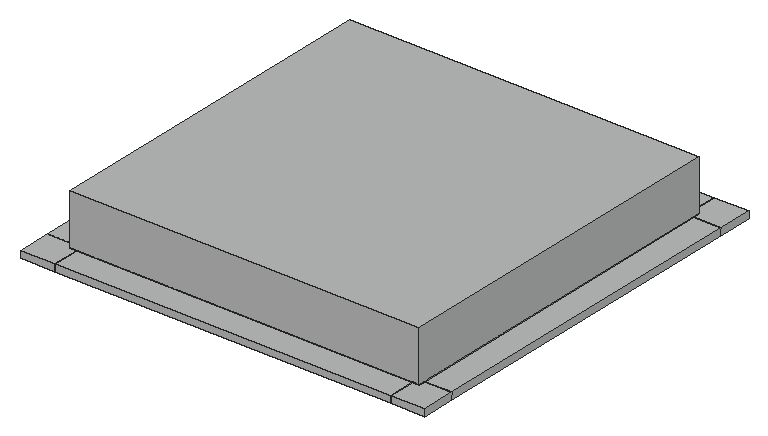
Revit family "ALUMOGIPS", category Осветительные приборы, Revit 2019 (continued)
Types (72, lengths in mm): name | Файл фотометрической сетки | built-in parameter 1150105 | Lumens | built-in parameter 1150106 | built-in parameter 1150142 | Wattage | Emit from Rectangle Width | Emit from Rectangle Length | Длина | Материал светильника | Ширина | ADSK_Ток | ADSK_Полная мощность | ADSK_Обозначение | ADSK_Номинальная мощность | ADSK_Наименование | ADSK_Масса | ADSK_Код изделия
    5 0.296 0.296 0.296 0.296 0.296 0.296 0.296 0.296 0.197 \r\n0.197 0.197 0.197 0.197 0.197 0.197 0.197 0.098 0.098 0.098 0.098 0.098 0.098 0.098 0.098 0.000 0.000 0.000 0.000 \r\n1417.637 1418.229 1415.861 1411.421 1404.415 1394.746 1382.512 1367.219 1349.656 1329.626 1307.821 1283.549 1257.403 1229.579 1199.782 1168.209 1135.155 1100.523 \r\n1064.708 1027.609 989.425 950.057 909.998 868.855 827.317 784.989 742.365 699.347 655.538 611.928 568.021 523.622 480.110 436.006 392.100 348.884 306.556 265.017 224.860 185.591 \r\n146.026 110.605 77.157 45.781 17.464 0.592 0.592 0.493 0.493 0.493 0.493 0.493 0.493 0.493 0.493 0.395 0.395 0.395 0.395 0.395 0.395 0.395 0.395 0.296 0.296 0.296 0.296 0.296 0.296 0.296 0.296 0.197 \r\n0.197 0.197 0.197 0.197 0.197 0.197 0.197 0.098 0.098 0.098 0.098 0.098 0.098 0.098 0.098 0.000 0.000 0.000 0.000 \r\n1417.637 1418.130 1415.762 1411.223 1404.218 1394.450 1382.216 1366.824 1349.261 1329.231 1307.427 1283.056 1256.910 1228.987 1199.190 1167.616 1134.563 1099.833 \r\n1064.016 1026.918 988.833 949.367 909.308 868.165 826.625 784.298 741.674 698.656 654.946 611.336 567.430 523.030 479.518 435.414 391.606 348.391 306.063 264.623 224.465 185.196 \r\n145.730 110.309 76.861 45.485 17.266 0.592 0.592 0.493 0.493 0.493 0.493 0.493 0.493 0.493 0.493 0.395 0.395 0.395 0.395 0.395 0.395 0.395 0.395 0.296 0.296 0.296 0.296 0.296 0.296 0.296 0.296 0.197 \r\n0.197 0.197 0.197 0.197 0.197 0.197 0.197 0.098 0.098 0.098 0.098 0.098 0.098 0.098 0.098 0.000 0.000 0.000 0.000 \r\n1417.637 1418.130 1415.565 1411.026 1403.922 1394.154 1381.919 1366.527 1348.866 1328.837 1306.933 1282.563 1256.416 1228.494 1198.597 1167.024 1133.873 1099.241 \r\n1063.425 1026.228 988.143 948.676 908.519 867.474 825.935 783.608 740.983 698.064 654.256 610.646 566.739 522.438 478.926 434.822 391.014 347.897 305.569 264.229 224.072 184.901 \r\n145.434 110.013 76.565 45.288 17.069 0.592 0.592 0.493 0.493 0.493 0.493 0.493 0.493 0.493 0.493 0.395 0.395 0.395 0.395 0.395 0.395 0.395 0.395 0.296 0.296 0.296 0.296 0.296 0.296 0.296 0.296 0.197 \r\n0.197 0.197 0.197 0.197 0.197 0.197 0.197 0.098 0.098 0.098 0.098 0.098 0.098 0.098 0.098 0.000 0.000 0.000 0.000 \r\n1417.637 1418.031 1415.466 1410.928 1403.725 1393.858 1381.524 1366.133 1348.472 1328.443 1306.440 1282.070 1255.824 1227.901 1198.006 1166.433 1133.280 1098.550 \r\n1062.735 1025.537 987.451 947.887 907.829 866.784 825.244 782.916 740.293 697.373 653.565 610.053 566.147 521.747 478.334 434.328 390.521 347.404 305.175 263.735 223.677 184.506 \r\n145.039 109.717 76.368 44.992 16.871 0.592 0.592 0.493 0.493 0.493 0.493 0.493 0.493 0.493 0.493 0.395 0.395 0.395 0.395 0.395 0.395 0.395 0.395 0.296 0.296 0.296 0.296 0.296 0.296 0.296 0.296 0.197 \r\n0.197 0.197 0.197 0.197 0.197 0.197 0.197 0.098 0.098 0.098 0.098 0.098 0.098 0.098 0.098 0.000 0.000 0.000 0.000 \r\n1417.637 1418.031 1415.368 1410.730 1403.527 1393.562 1381.229 1365.738 1348.077 1327.949 1306.045 1281.575 1255.331 1227.310 1197.414 1165.841 1132.689 1097.958 \r\n1062.043 1024.846 986.761 947.196 907.137 866.092 824.554 782.226 739.602 696.683 652.973 609.363 565.456 521.155 477.742 433.737 390.028 346.910 304.681 263.341 223.282 184.111 \r\n144.743 109.421 76.072 44.794 16.576 0.592 0.592 0.493 0.493 0.493 0.493 0.493 0.493 0.493 0.493 0.395 0.395 0.395 0.395 0.395 0.395 0.395 0.395 0.296 0.296 0.296 0.296 0.296 0.296 0.296 0.296 0.197 \r\n0.197 0.197 0.197 0.197 0.197 0.197 0.197 0.098 0.098 0.098 0.098 0.098 0.098 0.098 0.098 0.000 0.000 0.000 0.000 \r\n1417.637 1417.932 1415.268 1410.533 1403.232 1393.365 1380.933 1365.443 1347.682 1327.555 1305.552 1281.082 1254.837 1226.816 1196.821 1165.150 1131.998 1097.267 \r\n1061.452 1024.254 986.070 946.506 906.447 865.401 823.863 781.535 738.912 695.991 652.282 608.672 564.864 520.563 477.150 433.145 389.436 346.417 304.287 262.946 222.887 183.815 \r\n144.448 109.125 75.874 44.597 16.378 0.592 0.592 0.493 0.493 0.493 0.493 0.493 0.493 0.493 0.493 0.395 0.395 0.395 0.395 0.395 0.395 0.395 0.395 0.296 0.296 0.296 0.296 0.296 0.296 0.296 0.296 0.197 \r\n0.197 0.197 0.197 0.197 0.197 0.197 0.197 0.098 0.098 0.098 0.098 0.098 0.098 0.098 0.098 0.000 0.000 0.000 0.000 \r\n1417.637 1417.932 1415.170 1410.434 1403.034 1393.069 1380.636 1365.048 1347.287 1327.160 1305.157 1280.589 1254.344 1226.225 1196.230 1164.558 1131.406 1096.675 \r\n1060.761 1023.564 985.380 945.815 905.756 864.613 823.173 780.845 738.221 695.301 651.592 608.080 564.174 519.971 476.558 432.652 388.943 345.924 303.794 262.453 222.492 183.420 \r\n144.151 108.829 75.579 44.301 16.181 0.592 0.592 0.493 0.493 0.493 0.493 0.493 0.493 0.493 0.493 0.395 0.395 0.395 0.395 0.395 0.395 0.395 0.395 0.296 0.296 0.296 0.296 0.296 0.296 0.296 0.296 0.197 \r\n0.197 0.197 0.197 0.197 0.197 0.197 0.197 0.098 0.098 0.098 0.098 0.098 0.098 0.098 0.098 0.000 0.000 0.000 0.000 \r\n1417.637 1417.834 1415.071 1410.237 1402.837 1392.772 1380.243 1364.653 1346.892 1326.765 1304.664 1280.096 1253.752 1225.730 1195.638 1163.965 1130.814 1095.984 \r\n1060.071 1022.873 984.689 945.124 905.066 863.922 822.482 780.154 737.531 694.610 651.000 607.390 563.581 519.379 475.966 432.059 388.350 345.431 303.300 262.058 222.098 183.026 \r\n143.757 108.533 75.282 44.104 15.983 0.592 0.592 0.493 0.493 0.493 0.493 0.493 0.493 0.493 0.493 0.395 0.395 0.395 0.395 0.395 0.395 0.395 0.395 0.296 0.296 0.296 0.296 0.296 0.296 0.296 0.296 0.197 \r\n0.197 0.197 0.197 0.197 0.197 0.197 0.197 0.098 0.098 0.098 0.098 0.098 0.098 0.098 0.098 0.000 0.000 0.000 0.000 \r\n1417.637 1417.834 1414.973 1410.138 1402.541 1392.477 1379.946 1364.258 1346.499 1326.272 1304.171 1279.603 1253.259 1225.139 1195.045 1163.374 1130.123 1095.393 \r\n1059.478 1022.183 983.999 944.433 904.375 863.231 821.792 779.464 736.840 693.920 650.309 606.699 562.891 518.787 475.374 431.566 387.857 344.937 302.906 261.663 221.703 182.730 \r\n143.461 108.237 75.085 43.906 15.688 0.592 0.592 0.493 0.493 0.493 0.493 0.493 0.493 0.493 0.493 0.395 0.395 0.395 0.395 0.395 0.395 0.395 0.395 0.296 0.296 0.296 0.296 0.296 0.296 0.296 0.296 0.197 \r\n0.197 0.197 0.197 0.197 0.197 0.197 0.197 0.098 0.098 0.098 0.098 0.098 0.098 0.098 0.098 0.000 0.000 0.000 0.000 \r\n1417.637 1417.736 1414.874 1409.940 1402.344 1392.181 1379.650 1363.962 1346.104 1325.877 1303.776 1279.109 1252.766 1224.547 1194.454 1162.782 1129.531 1094.702 \r\n1058.788 1021.492 983.308 943.742 903.684 862.540 821.100 778.773 736.148 693.327 649.618 606.107 562.298 518.096 474.782 430.974 387.364 344.444 302.412 261.170 221.308 182.335 \r\n143.165 108.040 74.789 43.611 15.490 0.592 0.592 0.493 0.493 0.493 0.493 0.493 0.493 0.493 0.493 0.395 0.395 0.395 0.395 0.395 0.395 0.395 0.395 0.296 0.296 0.296 0.296 0.296 0.296 0.296 0.296 0.197 \r\n0.197 0.197 0.197 0.197 0.197 0.197 0.197 0.098 0.098 0.098 0.098 0.098 0.098 0.098 0.098 0.000 0.000 0.000 0.000 \r\n1417.637 1417.736 1414.775 1409.743 1402.146 1391.984 1379.355 1363.568 1345.709 1325.482 1303.283 1278.616 1252.272 1224.054 1193.862 1162.091 1128.940 1094.110 \r\n1058.097 1020.801 982.617 943.052 902.994 861.850 820.410 778.082 735.458 692.637 649.027 605.416 561.608 517.504 474.190 430.383 386.772 343.951 301.918 260.775 220.913 181.941 \r\n142.770 107.743 74.592 43.413 15.293 0.592 0.592 0.493 0.493 0.493 0.493 0.493 0.493 0.493 0.493 0.395 0.395 0.395 0.395 0.395 0.395 0.395 0.395 0.296 0.296 0.296 0.296 0.296 0.296 0.296 0.296 0.197 \r\n0.197 0.197 0.197 0.197 0.197 0.197 0.197 0.098 0.098 0.098 0.098 0.098 0.098 0.098 0.098 0.000 0.000 0.000 0.000 \r\n1417.637 1417.637 1414.677 1409.645 1401.851 1391.688 1378.960 1363.173 1345.314 1325.088 1302.790 1278.123 1251.680 1223.461 1193.269 1161.499 1128.249 1093.518 \r\n1057.406 1020.110 981.926 942.361 902.204 861.159 819.719 777.391 734.867 691.946 648.335 604.726 561.017 516.913 473.598 429.888 386.279 343.458 301.524 260.380 220.519 181.644 \r\n142.474 107.448 74.296 43.216 15.096 0.592 0.592 0.493 0.493 0.493 0.493 0.493 0.493 0.493 0.493 0.395 0.395 0.395 0.395 0.395 0.395 0.395 0.395 0.296 0.296 0.296 0.296 0.296 0.296 0.296 0.296 0.197 \r\n0.197 0.197 0.197 0.197 0.197 0.197 0.197 0.098 0.098 0.098 0.098 0.098 0.098 0.098 0.098 0.000 0.000 0.000 0.000 \r\n1417.637 1417.637 1414.578 1409.447 1401.653 1391.391 1378.663 1362.877 1344.920 1324.693 1302.395 1277.630 1251.187 1222.968 1192.678 1160.908 1127.657 1092.827 \r\n1056.814 1019.419 981.236 941.671 901.514 860.369 819.028 776.701 734.175 691.256 647.645 604.133 560.326 516.320 473.006 429.297 385.785 342.963 301.030 259.887 220.125 181.249 \r\n142.178 107.152 74.099 42.920 14.800 0.592 0.592 0.493 0.493 0.493 0.493 0.493 0.493 0.493 0.493 0.395 0.395 0.395 0.395 0.395 0.395 0.395 0.395 0.296 0.296 0.296 0.296 0.296 0.296 0.296 0.296 0.197 \r\n0.197 0.197 0.197 0.197 0.197 0.197 0.197 0.098 0.098 0.098 0.098 0.098 0.098 0.098 0.098 0.000 0.000 0.000 0.000 \r\n1417.637 1417.538 1414.480 1409.250 1401.456 1391.096 1378.367 1362.482 1344.525 1324.200 1301.902 1277.136 1250.693 1222.376 1192.184 1160.315 1127.064 1092.235 \r\n1056.124 1018.828 980.545 940.980 900.823 859.679 818.338 776.010 733.485 690.565 647.054 603.443 559.734 515.728 472.414 428.705 385.193 342.470 300.537 259.492 219.730 180.856 \r\n141.882 106.855 73.802 42.723 14.602 0.592 0.592 0.493 0.493 0.493 0.493 0.493 0.493 0.493 0.493 0.395 0.395 0.395 0.395 0.395 0.395 0.395 0.395 0.296 0.296 0.296 0.296 0.296 0.296 0.296 0.296 0.197 \r\n0.197 0.197 0.197 0.197 0.197 0.197 0.197 0.098 0.098 0.098 0.098 0.098 0.098 0.098 0.098 0.000 0.000 0.000 0.000 \r\n1417.637 1417.538 1414.380 1409.152 1401.258 1390.898 1378.072 1362.087 1344.130 1323.805 1301.408 1276.643 1250.200 1221.784 1191.593 1159.625 1126.374 1091.545 \r\n1055.433 1018.137 979.855 940.290 900.133 858.988 817.647 775.221 732.794 689.875 646.362 602.851 559.043 515.137 471.822 428.212 384.700 341.977 300.142 259.097 219.335 180.559 \r\n141.487 106.560 73.506 42.525 14.405 0.592 0.592 0.493 0.493 0.493 0.493 0.493 0.493 0.493 0.493 0.395 0.395 0.395 0.395 0.395 0.395 0.395 0.395 0.296 0.296 0.296 0.296 0.296 0.296 0.296 0.296 0.197 \r\n0.197 0.197 0.197 0.197 0.197 0.197 0.197 0.098 0.098 0.098 0.098 0.098 0.098 0.098 0.098 0.000 0.000 0.000 0.000 \r\n1417.637 1417.439 1414.282 1408.954 1400.963 1390.603 1377.677 1361.792 1343.735 1323.410 1301.014 1276.149 1249.608 1221.291 1191.000 1159.032 1125.782 1090.953 \r\n1054.841 1017.446 979.164 939.500 899.442 858.298 816.957 774.530 732.103 689.184 645.672 602.160 558.451 514.446 471.230 427.619 384.108 341.484 299.649 258.604 218.940 180.165 \r\n141.191 106.264 73.309 42.229 14.208 0.592 0.592 0.493 0.493 0.493 0.493 0.493 0.493 0.493 0.493 0.395 0.395 0.395 0.395 0.395 0.395 0.395 0.395 0.296 0.296 0.296 0.296 0.296 0.296 0.296 0.296 0.197 \r\n0.197 0.197 0.197 0.197 0.197 0.197 0.197 0.098 0.098 0.098 0.098 0.098 0.098 0.098 0.098 0.000 0.000 0.000 0.000 \r\n1417.637 1417.439 1414.183 1408.855 1400.765 1390.306 1377.381 1361.397 1343.341 1323.015 1300.520 1275.656 1249.114 1220.699 1190.408 1158.440 1125.190 1090.262 \r\n1054.151 1016.755 978.473 938.809 898.750 857.607 816.266 773.839 731.413 688.592 645.080 601.469 557.859 513.854 470.638 427.126 383.615 340.990 299.254 258.209 218.546 179.770 \r\n140.896 105.967 73.013 42.031 13.912 0.592 0.592 0.493 0.493 0.493 0.493 0.493 0.493 0.493 0.493 0.395 0.395 0.395 0.395 0.395 0.395 0.395 0.395 0.296 0.296 0.296 0.296 0.296 0.296 0.296 0.296 0.197 \r\n0.197 0.197 0.197 0.197 0.197 0.197 0.197 0.098 0.098 0.098 0.098 0.098 0.098 0.098 0.098 0.000 0.000 0.000 0.000 \r\n1417.637 1417.341 1414.085 1408.658 1400.568 1390.010 1377.085 1361.002 1342.947 1322.522 1300.026 1275.261 1248.621 1220.205 1189.817 1157.849 1124.598 1089.670 \r\n1053.460 1016.065 977.881 938.119 898.060 856.917 815.575 773.149 730.722 687.901 644.390 600.877 557.168 513.262 470.046 426.534 383.121 340.497 298.761 257.814 218.151 179.473 \r\n140.501 105.672 72.816 41.835 13.714 0.592 0.592 0.493 0.493 0.493 0.493 0.493 0.493 0.493 0.493 0.395 0.395 0.395 0.395 0.395 0.395 0.395 0.395 0.296 0.296 0.296 0.296 0.296 0.296 0.296 0.296 0.197 \r\n0.197 0.197 0.197 0.197 0.197 0.197 0.197 0.098 0.098 0.098 0.098 0.098 0.098 0.098 0.098 0.000 0.000 0.000 0.000 \r\n1417.637 1417.341 1413.986 1408.461 1400.271 1389.715 1376.789 1360.608 1342.552 1322.128 1299.632 1274.768 1248.128 1219.614 1189.224 1157.256 1123.907 1088.980 \r\n1052.868 1015.374 977.191 937.428 897.369 856.127 814.884 772.458 730.032 687.211 643.698 600.187 556.577 512.670 469.454 425.942 382.529 340.004 298.268 257.321 217.756 179.080 \r\n140.204 105.376 72.520 41.538 13.517 0.592 0.592 0.493 0.493 0.493 0.493 0.493 0.493 0.493 0.493 0.395 0.395 0.395 0.395 0.395 0.395 0.395 0.395 0.296 0.296 0.296 0.296 0.296 0.296 0.296 0.296 0.197 \r\n0.197 0.197 0.197 0.197 0.197 0.197 0.197 0.098 0.098 0.098 0.098 0.098 0.098 0.098 0.098 0.000 0.000 0.000 0.000 \r\n1417.637 1417.242 1413.789 1408.362 1400.075 1389.517 1376.394 1360.311 1342.157 1321.733 1299.138 1274.274 1247.536 1219.022 1188.632 1156.566 1123.315 1088.388 \r\n1052.177 1014.684 976.500 936.738 896.581 855.436 814.194 771.768 729.341 686.519 643.107 599.496 555.885 512.078 468.862 425.449 382.035 339.511 297.873 256.926 217.362 178.685 \r\n139.909 105.079 72.223 41.341 13.221 0.592 0.592 0.493 0.493 0.493 0.493 0.493 0.493 0.493 0.493 0.395 0.395 0.395 0.395 0.395 0.395 0.395 0.395 0.296 0.296 0.296 0.296 0.296 0.296 0.296 0.296 0.197 \r\n0.197 0.197 0.197 0.197 0.197 0.197 0.197 0.098 0.098 0.098 0.098 0.098 0.098 0.098 0.098 0.000 0.000 0.000 0.000 \r\n1417.637 1417.242 1413.690 1408.165 1399.877 1389.220 1376.098 1359.917 1341.762 1321.339 1298.645 1273.781 1247.043 1218.528 1188.041 1155.974 1122.723 1087.697 \r\n1051.487 1013.993 975.810 936.046 895.889 854.746 813.503 771.077 728.650 685.829 642.416 598.904 555.294 511.486 468.270 424.857 381.542 339.018 297.380 256.533 216.967 178.389 \r\n139.613 104.882 72.026 41.143 13.024 0.592 0.592 0.493 0.493 0.493 0.493 0.493 0.493 0.493 0.493 0.395 0.395 0.395 0.395 0.395 0.395 0.395 0.395 0.296 0.296 0.296 0.296 0.296 0.296 0.296 0.296 0.197 \r\n0.197 0.197 0.197 0.197 0.197 0.197 0.197 0.098 0.098 0.098 0.098 0.098 0.098 0.098 0.098 0.000 0.000 0.000 0.000 \r\n1417.637 1417.143 1413.592 1407.967 1399.580 1388.925 1375.803 1359.523 1341.367 1320.845 1298.250 1273.288 1246.550 1217.936 1187.448 1155.382 1122.032 1087.105 \r\n1050.894 1013.401 975.119 935.356 895.199 854.055 812.813 770.386 727.959 685.138 641.725 598.213 554.603 510.795 467.678 424.265 380.951 338.524 296.887 256.038 216.573 177.994 \r\n139.218 104.586 71.730 40.848 12.826 0.592 0.592 0.493 0.493 0.493 0.493 0.493 0.493 0.493 0.493 0.395 0.395 0.395 0.395 0.395 0.395 0.395 0.395 0.296 0.296 0.296 0.296 0.296 0.296 0.296 0.296 0.197 \r\n0.197 0.197 0.197 0.197 0.197 0.197 0.197 0.098 0.098 0.098 0.098 0.098 0.098 0.098 0.098 0.000 0.000 0.000 0.000 \r\n1417.637 1417.143 1413.492 1407.869 1399.383 1388.629 1375.506 1359.226 1340.973 1320.451 1297.757 1272.795 1246.056 1217.443 1186.856 1154.790 1121.441 1086.414 \r\n1050.204 1012.711 974.428 934.665 894.508 853.365 812.122 769.695 727.269 684.448 641.134 597.523 554.011 510.203 467.086 423.772 380.457 338.031 296.492 255.645 216.178 177.599 \r\n138.922 104.291 71.533 40.650 12.629 0.592 0.592 0.592 0.493 0.493 0.493 0.493 0.493 0.493 0.493 0.395 0.395 0.395 0.395 0.395 0.395 0.395 0.395 0.296 0.296 0.296 0.296 0.296 0.296 0.296 0.296 0.197 \r\n0.197 0.197 0.197 0.197 0.197 0.197 0.197 0.098 0.098 0.098 0.098 0.098 0.098 0.098 0.098 0.000 0.000 0.000 0.000 \r\n1417.637 1417.044 1413.394 1407.671 1399.187 1388.333 1375.111 1358.832 1340.578 1320.056 1297.264 1272.301 1245.464 1216.851 1186.264 1154.099 1120.849 1085.822 \r\n1049.513 1012.020 973.737 933.975 893.818 852.575 811.432 769.004 726.578 683.855 640.443 596.930 553.321 509.611 466.494 423.180 379.964 337.537 295.999 255.250 215.783 177.304 \r\n138.626 103.994 71.237 40.453 12.333 0.592 0.592 0.592 0.493 0.493 0.493 0.493 0.493 0.493 0.493 0.395 0.395 0.395 0.395 0.395 0.395 0.395 0.395 0.296 0.296 0.296 0.296 0.296 0.296 0.296 0.296 0.197 \r\n0.197 0.197 0.197 0.197 0.197 0.197 0.197 0.098 0.098 0.098 0.098 0.098 0.098 
